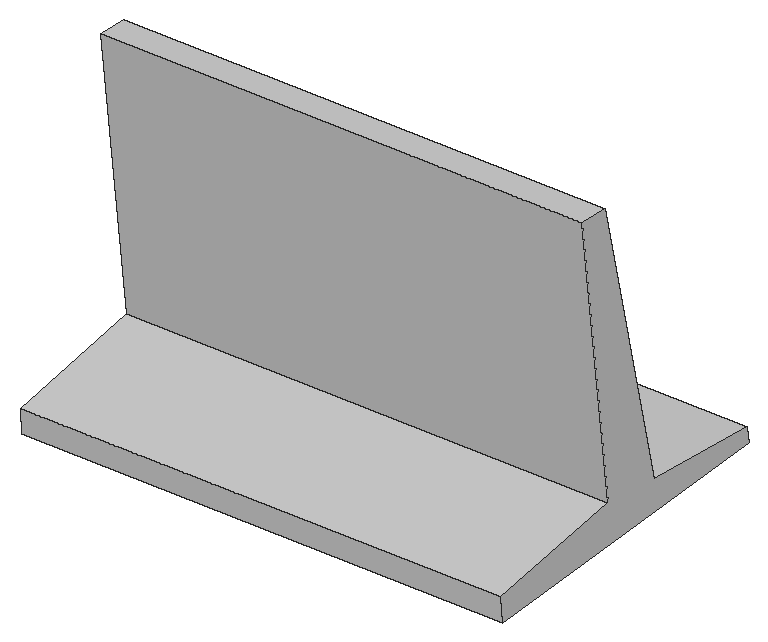
Revit family "M_ParedesdeRetenção_Par_Família_Armadilha", category Fundações estruturais, Revit 2019
Family settings
  Material para o comportamento do modelo = Outros
  Cap = Não
  Número OmniClass = 23.10.20.14
  Título OmniClass = Retaining Walls
  ID de item do Seek = RetainingWall_Par_Family_Trap-0000-CAN-ENU
  Com base no plano de trabalho = Não
  Sempre na vertical = Sim
  Corte com vazios quando carregada = Não
  Compartilhado = Não
Parameters (values of type "Padrão")
  hdiff = h3 - h4  # 52.686 mm
  h7 = h4 - h6  # 2837.275 mm
  h6 = Gw1 * tan(Alfa - Beta)  # -10.476 mm
  h4 = (H - Gf3 * cos(Alfa) + Bw * sin(Alfa)) / cos(Beta)  # 2826.799 mm
  h3 = (H - Gf3 * cos(Alfa) + (Bw + Gw2) * sin(Alfa)) / cos(Beta)  # 2879.485 mm
  h2 = (Bw + Gw2) * sin(Alfa)  # 156.88 mm
  h1 = Gf4 * cos(Alfa)  # 398.478 mm
  Tmp2 = (Bw + Gf3 * tan(Alfa - Gama)) * cos(Alfa - Gama)  # 1146.31 mm
  Tmp1 = (Bw + Gw2 + Gf4 * tan(Alfa - Beta)) * cos(Alfa - Beta)  # 1784.944 mm
  Structural Material [instance] = Concreto - Moldado in loco
  Length [instance] = 5000 mm
  H = 3000 mm
  Gw2 = 600 mm
  Gw1 = 300 mm
  Gf4 = 400 mm
  Gf3 = 300 mm
  Gf2 = 250 mm
  Gf1 = 150 mm
  Gama2 = atan((Gw2 * cos(Alfa - Beta) - Gw1 * cos(Alfa - Beta)) / h7)  # 6.03211°
  Gama = Gama2 + Beta  # 13.0321°
  Bw = 1200 mm
  Bs1 = 300 mm
  Beta = 7.00°
  B = 3200 mm
  Assembly Code = ""
  Alfa = 5.00°
Reference planes
  plane 1 "Centro (Frente/Trás)": y = 0
  plane 2: z = 0
  plane 3 "Centro (Esquerda/Direita)": x = 0
  plane 4: z = 3000
  plane 5: x = 5000
  plane 6: z = 2640
  plane 7: z = 2440
  plane 8: y = -2395.931
Forms (mm)
  Sweep 1, solid, material "Concreto - Moldado in loco" <- "Structural Material"
    path origin (0, 0, 0) x (1, 0, 0) y (0, 1, 0)
      loop
        line (0, 0) -> (5000, 0)
    profile "M_Perfil do sifão : M_Perfil do sifão" origin (2500, 0, 0) x (0, 1, 0) y (0, 0, 1)
      loop
        line (-1870.99, 3000) -> (-2166.702, 3000) -> (-1828.013, 241.598) -> (-3209.612, -29.85) -> (-3187.823, -278.898) -> (0, 0) -> (-13.073, 149.429) -> (-1221.58, 194.272) -> (-1870.99, 3000)
Dimensions and locks
  "H": plane 4 to plane 2
  "Length": plane 3 "Centro (Esquerda/Direita)" to plane 5
  locked: plane 4 to plane 6 at 360
  locked: plane 6 to plane 7 at 200
  locked: plane 8 to plane 1 "Centro (Frente/Trás)" at 2395.931
  aligned and locked: plane 3 "Centro (Esquerda/Direita)" to Sweep 1 sketch curve
  aligned and locked: plane 1 "Centro (Frente/Trás)" to Sweep 1 sketch curve
  aligned and locked: plane 5 to Sweep 1 sketch curve
